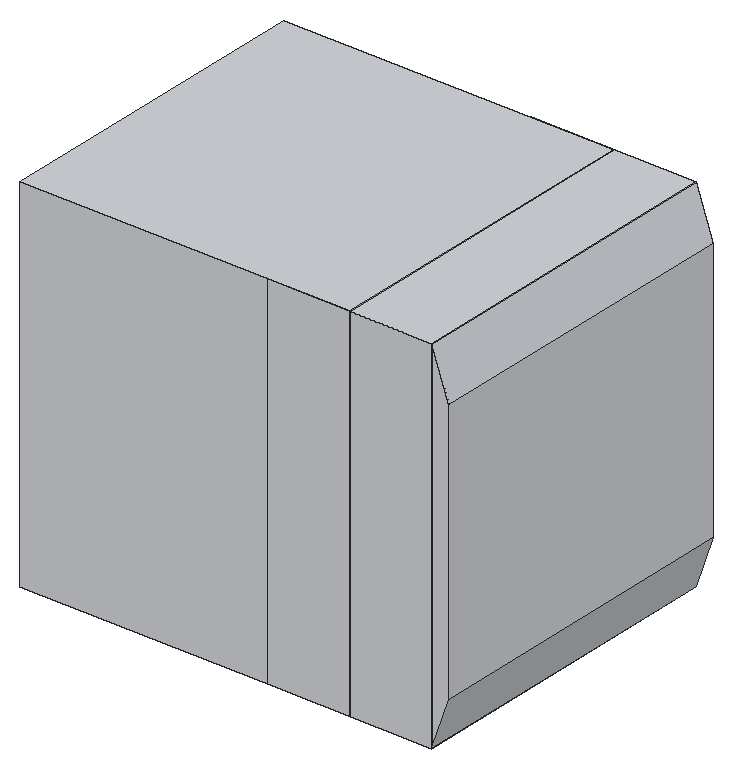
Revit family "00448b1e6bc2451eb9732556fbf47d3b", category Duct Fittings, Revit 2021
Family settings
  Round Connector Dimension = Use Diameter
  Part Type = Tap - Adjustable
  OmniClass Number = 23.75.70.14
  OmniClass Title = Air Ductwork
  Seek Item ID = Rectangular Angled Tap - DTL-0000-USA-ENU
  Work Plane-Based = No
  Always vertical = Yes
  Cut with Voids When Loaded = No
  Shared = No
Parameters (values of type "Standard")
  Top Change [instance] = -3"
  built-in parameter 1114214 [instance] = 1' - 8"
  built-in parameter 1114213 [instance] = 0' - 5"
  built-in parameter 1114215 [instance] = if(Width Out > 2' 0", Width Out * 0.25, 0' 6")  # 0.5 (stored number, unit not read)
  Half Width In [instance] = Width In / 2  # 10"
  Half Width Out [instance] = Width Out / 2  # 10"
  Half Depth Out [instance] = Depth In / 2  # 8"
  Half Depth In [instance] = Depth Out / 2  # 11"
  Width Out [instance] = abs(Width In) / sin(Angle)  # 20"
  Width In [instance] = 20"
  Length 1 [instance] = if(Angle = 90.00°, [built-in parameter 1114213], abs((Width In / 2) / tan(Angle)))  # 5"
  Length [instance] = 1"
  Depth In [instance] = 16"
  Depth Out [instance] = Depth In - Top Change + Bottom Change  # 22"
  Default Elevation = 0' - 0"
  Bottom Change [instance] = 3"
  Angle [instance] = 90.00°
  Length 2 [instance] = -(Top Change + Bottom Change) / 2  # 0"
  Length 3 [instance] = Depth In / 2 + abs(Top Change) - Length 2 * 2  # 11"
Reference planes (in)
  plane 1 "Center (Front/Back)": y = 0
  plane 2: z = 0
  plane 3 "Center (Left/Right)": x = 0
  plane 4: x = -20
  plane 5: x = 5
  plane 6: z = 8
  plane 7: z = -8
  plane 8: z = 0
  plane 9: z = 11
  plane 10: z = -11
Forms (in)
  Sweep 1, solid, detail levels medium+fine
    path in 3D
      loop
        line (-20, 0, 0) -> (0, 0, 0)
    profile "Duct - Rectangular : Duct - Rectangular 1" origin (-10, 0, 0) x (0, 1, 0) y (0, 0, 1)
      loop
        line (-10, 11) -> (-10, -11) -> (10, -11) -> (10, 11) -> (-10, 11)
  SweptBlend 2, solid, detail levels medium+fine
    path in 3D
      loop
        line (5, 0, 0) -> (6, 0, 0)
    profile "Duct - Rectangular : Duct - Rectangular 1" origin (5, 0, 0) x (0, 1, 0) y (0, 0, 1)
      loop
        line (-10, 11) -> (-10, -11) -> (10, -11) -> (10, 11) -> (-10, 11)
    end profile "Duct - Rectangular : Duct - Rectangular 2" origin (6, 0, 0) x (0, 1, 0) y (0, 0, 1)
      loop
        line (-10, 8) -> (-10, -8) -> (10, -8) -> (10, 8) -> (-10, 8)
  Sweep 3, solid, detail levels medium+fine
    path in 3D
      loop
        line (5, 0, 0) -> (0, 0, 0) -> (-5, 0, 0)
    profile "Duct - Rectangular : Duct - Rectangular 1" origin (-2.5, 0, 0) x (0, -1, 0) y (0, 0, 1)
      loop
        line (-10, 11) -> (-10, -11) -> (10, -11) -> (10, 11) -> (-10, 11)
Lines and regions (in)
  reference lines
    curve 1: line (-20, 0, 0) -> (0, 0, 0)
    curve 3: line (0, 0, 0) -> (-5, 0, 0)
  sketch lines
    curve 2: line (-20, 0, 0) -> (0, 0, 0)
    curve 6: line (5, 0, 0) -> (6, 0, 0)
    curve 7: line (0, 0, 0) -> (-5, 0, 0)
    curve 8: line (0, 0, 0) -> (5, 0, 0)
  model lines, not visible, detail levels coarse
    curve 4: line (0, 0, 0) -> (5, 0, 0)
    curve 5: line (5, 0, 0) -> (6, 0, 0)
Dimensions and locks (in)
  "built-in parameter 1114214": plane 4 to plane 3 "Center (Left/Right)"
  "built-in parameter 1114213": plane 3 "Center (Left/Right)" to plane 5
  equal spacing: plane 6, level, plane 7
  "Depth In": plane 6 to plane 7
  equal spacing: plane 9, plane 8, plane 10
  "Depth Out": plane 9 to plane 10
  "Length 3": plane 9 to plane 2
  "Length 1": curve 3 to curve 3
  "Length 1": curve 4 to curve 4
  "Length": curve 5 to curve 5
  "Angle": angle plane 3 "Center (Left/Right)" to curve 3
  locked: curve 4 to curve 5 (angle 180.00°)
  "Angle": angle plane 3 "Center (Left/Right)" to curve 4
  aligned and locked: plane 1 "Center (Front/Back)" to curve 1
  aligned and locked: plane 3 "Center (Left/Right)" to curve 1
  aligned and locked: plane 4 to curve 1
  aligned and locked: plane 1 "Center (Front/Back)" to curve 3
  aligned and locked: plane 3 "Center (Left/Right)" to curve 4
Automatic sketch dimensions
  curve 4 to plane 1 "Center (Front/Back)" = 0' - 0"
Connectors (in)
  hvac at (0, 0, 0), driven by "Depth Out", driven by "Width Out"
    settings: on Sweep 1, index 1, duct flow 0 CFM, flow factor 0, pres drop 0.00 in-wg, loss coef 0, conn angle 0.00°, conn width 20", conn height 22", conn diameter 24", duct sys type 28, conn prof type 1, flow config 0, flow direction 0, loss method 0, conn ref index 2, conn util no, is conn primary yes, conn desc ""
  hvac at (6, 0, 0), driven by "Angle", driven by "Depth In", driven by "Width In"
    settings: on SweptBlend 2, index 2, duct flow 0 CFM, flow factor 0, pres drop 0.00 in-wg, loss coef 0, conn angle 90.00°, conn width 20", conn height 16", conn diameter 24", duct sys type 28, conn prof type 1, flow config 0, flow direction 0, loss method 0, conn ref index 1, conn util no, is conn primary no, conn desc ""
